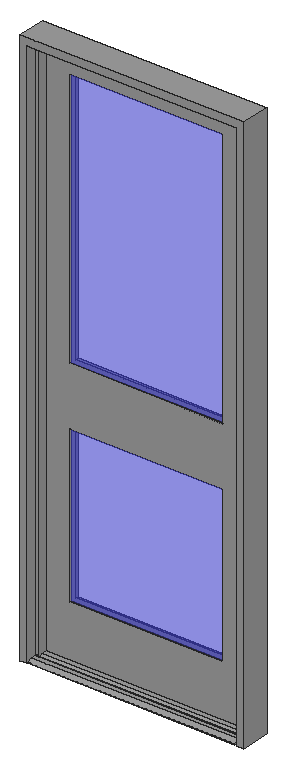
Revit family "MSD-375-StormMax-1inGlz-Curtain-Wall-Gear-Hinge-Single_Arc_v02", category Curtain Panels, Revit 2017
Family settings
  OmniClass Number = 23.25.20.14.11.11.17
  OmniClass Title = Infill Panels
  Always vertical = Yes
  Cut with Voids When Loaded = No
  Shared = No
Parameters
  Width [instance] = 3' - 2"
  URL = "obe.com"
  Rough Width [instance] = 3' - 0"
  Panel Width [instance] = [Min-Max Panel Width]  # 3' - 0"
  Panel Offset [instance] = 0' - 0"
  Offset [instance] = 0' - 1"
  Model = "MSD-375 DOOR"
  Min-Max Rough Width [instance] = if(and((Rough Width > 3' 2 1/4"), (Rough Width < 3' 8 1/256")), Rough Width, 3' 2 1/4")  # 3' - 2 1/4"
  Min-Max Panel Width [instance] = if(and((Rough Width > 3' 2 1/4"), (Rough Width < 3' 8 1/256")), Rough Width - 0' 2 1/4", 3' 0")  # 3' - 0"
  Manufacturer = "Oldcastle BuildingEnvelope®"
  Keynote = "08 11 00"
  Hinge [instance] = yes
  Height [instance] = 8' - 0"
  Pushbar Height [instance] = 3' - 5 1/4"  # constant formula
  Glass Material = Glass
  Frame Material = Aluminum
  Door Panel Height [instance] = Height - 0' 0 29/32"  # 7' - 11 3/32"
  Description = "MSD-375 - 1\" Door Infill"
  Assembly Code = "B2030"
  Analytic Construction = "<None>"
  8 Muntin [instance] = not([6.5 Muntin])  # yes
  6.5 Muntin [instance] = no
Reference planes (in)
  plane 1 "Front": y = 0
  plane 2: z = 0
  plane 3 "Center (Left/Right)": x = 0
  plane 4 "Left": x = -19
  plane 5 "Right": x = 19
  plane 6 "Top": z = 96
  plane 7 "Offset": y = -1
  plane 8: y = -1.86965
  plane 9: y = -1.86965
  plane 10: x = 19.125
  plane 11: x = -19.125
Forms (in)
  Sweep 1, solid, material "Aluminum" <- "Frame Material"
    path origin (0, -1, 0) x (-1, 0, 0) y (0, 0, 1)
      loop
        line (19.125, 0) -> (19.125, 96)
    profile origin (-19.125, -1, 48) x (1, 0, 0) y (0, 1, 0)
      loop
        line (1.125, -1.8814) -> (1.125, 0) -> (0, 0) -> (0, -5) -> (1.125, -5) -> (1.125, -3.2564) -> (1.875, -3.2564) -> (1.875, -1.8814) -> (1.125, -1.8814)
  Sweep 2, solid, material "Aluminum" <- "Frame Material"
    path origin (0, -1, 0) x (-1, 0, 0) y (0, 0, 1)
      loop
        line (-19.125, 0) -> (-19.125, 96)
    profile origin (19.125, -1, 48) x (1, 0, 0) y (0, 1, 0)
      loop
        line (-1.125, -1.8814) -> (-1.875, -1.8814) -> (-1.875, -3.2564) -> (-1.125, -3.2564) -> (-1.125, -5) -> (0, -5) -> (0, 0) -> (-1.125, 0) -> (-1.125, -1.8814)
  Sweep 3, solid, material "Aluminum" <- "Frame Material"
    path origin (0, -1, 0) x (-1, 0, 0) y (0, 0, 1)
      loop
        line (-19.125, 96) -> (19.125, 96)
    profile origin (0, -1, 96) x (0, 0, 1) y (0, 1, 0)
      loop
        line (-1.25, 0) -> (-1.25, -1.875) -> (-1.75, -1.875) -> (-1.75, -3.24) -> (-1.25, -3.24) -> (-1.25, -5) -> (0, -5) -> (0, 0) -> (-1.25, 0)
Cuts and joins
  joined: Sweep 1, Sweep 2, Sweep 3
Text (in)
  text "Exterior" at (-54.29358, 31.38743, 0), in view "Ref. Level"
  text "Exterior" at (480, 41.53993, 89.60405), in view "Right"
  text "Exterior" at (-240, 57.82419, 105.78864), in view "Left"
Dimensions and locks (in)
  equal spacing: plane 4 "Left", plane 3 "Center (Left/Right)", plane 5 "Right"
  "Width": plane 4 "Left" to plane 5 "Right"
  "Height": plane 6 "Top" to plane 2
  "Offset": plane 1 "Front" to plane 7 "Offset"
  locked: plane 7 "Offset" to plane 8 at 0.86965
  locked: plane 7 "Offset" to plane 9 at 0.86965
  equal spacing: plane 11, plane 3 "Center (Left/Right)", plane 10
  "Min-Max Rough Width": plane 11 to plane 10
  aligned and locked: level to plane 2
  aligned and locked: plane 6 "Top" to Sweep 1 sketch curve
  aligned and locked: level to Sweep 1 sketch curve
  aligned and locked: plane 6 "Top" to Sweep 2 sketch curve
  aligned and locked: level to Sweep 2 sketch curve
  aligned and locked: plane 3 "Center (Left/Right)" to nested 1
  aligned and locked: plane 6 "Top" to Sweep 3 sketch curve
  aligned and locked: nested 1 to plane 7 "Offset"
  aligned and locked: plane 11 to Sweep 1 sketch curve
  aligned and locked: plane 10 to Sweep 2 sketch curve
  aligned and locked: plane 11 to Sweep 3 sketch curve
  aligned and locked: plane 10 to Sweep 3 sketch curve
Automatic sketch dimensions
  Sweep 1 sketch curve to profile plane = 0' - 0"
  Sweep 1 sketch curve to plane 7 "Offset" = 0' - 0"
  Sweep 1 sketch curve to profile plane = 0' - 1 1/8"  (x2)
  Sweep 1 sketch curve to Sweep 1 sketch curve = 0' - 0 3/4"
  Sweep 1 sketch curve to plane 7 "Offset" = 0' - 1.8814"
  Sweep 1 sketch curve to Sweep 1 sketch curve = 0' - 1 3/8"
  Sweep 1 sketch curve to Sweep 1 sketch curve = 0' - 1.7436"
  Sweep 2 sketch curve to plane 7 "Offset" = 0' - 0"
  Sweep 2 sketch curve to profile plane = 0' - 0"
  profile plane to Sweep 2 sketch curve = 0' - 1 1/8"
  Sweep 2 sketch curve to Sweep 2 sketch curve = 0' - 1 1/8"
  Sweep 2 sketch curve to Sweep 2 sketch curve = 0' - 0 3/4"
  Sweep 2 sketch curve to plane 7 "Offset" = 0' - 1.8814"
  Sweep 2 sketch curve to Sweep 2 sketch curve = 0' - 1 3/8"
  Sweep 2 sketch curve to Sweep 2 sketch curve = 0' - 1.7436"
  Sweep 3 sketch curve to plane 7 "Offset" = 0' - 0"
  profile plane to Sweep 3 sketch curve = 0' - 0"
  profile plane to Sweep 3 sketch curve = 0' - 1 1/4"
  Sweep 3 sketch curve to plane 7 "Offset" = 0' - 1 7/8"
  Sweep 3 sketch curve to Sweep 3 sketch curve = 0' - 0 1/2"  (x2)
  Sweep 3 sketch curve to Sweep 3 sketch curve = 0' - 1.365"
  Sweep 3 sketch curve to Sweep 3 sketch curve = 0' - 1.76"
Nested families (in)
  nested 1: "MSD-375 DOOR-1-Panel_v03" at (0, -32, 0), Frame Material <- "Frame Material", Glass Material <- "Glass Material", 6.5 Muntin <- "6.5 Muntin", 8 Muntin <- "8 Muntin", Hinge <- "Hinge", Height <- "Door Panel Height", Width <- "Panel Width", Offset <- "Panel Offset", type "MSD-375 DOOR-1-Panel_v03"
    with built-in parameter 1001301 3' - 0", Pushbar Height 3' - 5 1/4", Offset 0' - 0", Hinge yes, built-in parameter 1001300 7' - 11 3/32", Glass at Muntin 0' - 8 7/16", Glass Material Glass, Frame Material Aluminum, 8 Muntin yes, 6.5 Muntin no
Definition of nested family "MSD-375 DOOR-1-Panel_v03"
  Parameters (values of type "MSD-375 DOOR-1-Panel_v03")
    Width [instance] = 3' - 0"
    Pushbar Height [instance] = 3' - 5 1/4"  # constant formula
    Offset [instance] = 0' - 2"
    Hinge [instance] = yes
    Height [instance] = 7' - 0"
    Glass at Muntin [instance] = if([6.5 Muntin], 0' 6 15/16", 0' 8 7/16")  # 0' - 6 15/16"
    Glass Material [instance] = none
    Frame Material [instance] = none
    Analytic Construction = "<None>"
    8 Muntin [instance] = not([6.5 Muntin])  # no
    6.5 Muntin [instance] = yes
  Reference planes (in)
    plane 1 "00": y = 28.04297
    plane 2: z = 0
    plane 3 "Center (Left/Right)": x = 0
    plane 4: z = 84
    plane 5: x = -18
    plane 6: x = 18
    plane 7 "Center (Front/Back)": y = 31
    plane 8 "Exterior": y = 28.32422
    plane 9: z = 42
    plane 10: z = 80.96875
    plane 11: z = 80.3125
    plane 12: z = 8.90625
    plane 13: z = 37.78125
    plane 14: z = 44.71875
    plane 15: x = -14.031
    plane 16: x = 13.77845
    plane 17 "Offset": y = 29
    plane 18: z = 41.25
  Forms (in)
    Sweep 1, solid, material <- "Frame Material"
      path origin (0, 28.04297, 0) x (1, 0, 0) y (0, 0, 1)
        loop
          line (-17.891, 84) -> (17.63845, 84)
      profile origin (-0.12627, 28.04297, 84) x (0, 0, 1) y (0, -1, 0)
        loop
          line (-4.46875, -0.957) -> (-0.46875, -0.957) -> (-0.46875, 0.793) -> (-4.46875, 0.793) -> (-4.46875, 0.5) -> (-3.68775, 0.5) -> (-3.68775, -0.5) -> (-4.46875, -0.5) -> (-4.46875, -0.957)
    Sweep 2, solid, material <- "Frame Material"
      path origin (0, 28.04297, 0) x (1, 0, 0) y (0, 0, 1)
        loop
          line (17.63845, 0) -> (-17.891, 0)
      profile origin (-0.12627, 28.04297, 0) x (0, 0, -1) y (0, -1, 0)
        loop
          line (-9.6875, -0.957) -> (-0.6875, -0.957) -> (-0.6875, 0.793) -> (-9.6875, 0.793) -> (-9.6875, 0.5) -> (-8.9065, 0.5) -> (-8.9065, -0.5) -> (-9.6875, -0.5) -> (-9.6875, -0.957)
        loop
          line (-0.125, -1.707) -> (0, -1.707) -> (0, 3.918) -> (-0.125, 3.918) -> (-0.5, 3.168) -> (-0.5, 2.3005) -> (-0.562, 2.3005) -> (-0.844, 1.8115) -> (-0.844, 0.8165) -> (-0.5, 0.8165) -> (-0.5, -0.957) -> (-0.125, -1.707)
    Sweep 3, solid, material <- "Frame Material"
      path origin (0, 28.04297, 0) x (1, 0, 0) y (0, 0, 1)
        loop
          line (18, 83.53125) -> (18, 0.6875)
      profile origin (18, 28.04297, 42.10937) x (0, -1, 0) y (1, 0, 0)
        loop
          line (-0.957, -5.00255) -> (-0.5, -5.00255) -> (-0.5, -4.22155) -> (0.5, -4.22155) -> (0.5, -5.00255) -> (0.793, -5.00255) -> (0.793, -0.36155) -> (-0.957, -0.25255) -> (-0.957, -5.00255)
    Sweep 4, solid, material <- "Frame Material"
      path origin (0, 28.04297, 0) x (1, 0, 0) y (0, 0, 1)
        loop
          line (-18, 83.53125) -> (-18, 0.6875)
      profile origin (-18, 28.04297, 42.10937) x (0, -1, 0) y (1, 0, 0)
        loop
          line (-0.957, 0) -> (0.793, 0.109) -> (0.793, 4.75) -> (0.5, 4.75) -> (0.5, 3.969) -> (-0.5, 3.969) -> (-0.5, 4.75) -> (-0.957, 4.75) -> (-0.957, 0)
    Sweep 5, solid, material <- "Frame Material"
      path origin (0, 28.04297, 0) x (1, 0, 0) y (0, 0, 1)
        loop
          line (17.63845, 42) -> (-17.891, 42)
      profile origin (-0.12627, 28.04297, 42) x (0, 0, -1) y (0, -1, 0)
        loop
          line (5.00025, -0.957) -> (5.00025, -0.5) -> (4.21875, -0.5) -> (4.21875, 0.5) -> (5.00025, 0.5) -> (5.00025, 0.793) -> (-3.49975, 0.793) -> (-3.49975, 0.5) -> (-2.71875, 0.5) -> (-2.71875, -0.50555) -> (-3.49975, -0.50555) -> (-3.49975, -0.957) -> (5.00025, -0.957)
    Extrusion 6, solid, material <- "Glass Material", detail levels coarse
      sketch origin (0, 0, 0) x (1, 0, 0) y (0, 1, 0)
        loop
          line (-14.031, 28.54297) -> (-14.031, 27.54297) -> (13.77845, 27.54297) -> (13.77845, 28.54297) -> (-14.031, 28.54297)
      from 44.71875 to 80.3125
    Extrusion 7, solid, material <- "Glass Material", detail levels medium+fine
      sketch origin (0, 0, 0) x (1, 0, 0) y (0, 1, 0)
        loop
          line (13.77845, 28.54297) -> (-14.031, 28.54297) -> (-14.031, 28.34297) -> (13.77845, 28.34297) -> (13.77845, 28.54297)
        loop
          line (-14.031, 27.97297) -> (-14.031, 27.77297) -> (13.77845, 27.77297) -> (13.77845, 27.97297) -> (-14.031, 27.97297)
        loop
          line (13.77845, 27.74297) -> (-14.031, 27.74297) -> (-14.031, 27.54297) -> (13.77845, 27.54297) -> (13.77845, 27.74297)
      from 44.71875 to 80.3125
    Extrusion 8, solid, material <- "Glass Material", detail levels coarse
      sketch origin (0, 0, 0) x (1, 0, 0) y (0, 1, 0)
        loop
          line (-14.031, 28.54297) -> (-14.031, 27.54297) -> (13.77845, 27.54297) -> (13.77845, 28.54297) -> (-14.031, 28.54297)
      from 8.90625 to 37.78125
    Extrusion 9, solid, material <- "Glass Material", detail levels medium+fine
      sketch origin (0, 0, 0) x (1, 0, 0) y (0, 1, 0)
        loop
          line (13.77845, 28.54297) -> (-14.031, 28.54297) -> (-14.031, 28.34297) -> (13.77845, 28.34297) -> (13.77845, 28.54297)
        loop
          line (-14.031, 27.97297) -> (-14.031, 27.77297) -> (13.77845, 27.77297) -> (13.77845, 27.97297) -> (-14.031, 27.97297)
        loop
          line (13.77845, 27.74297) -> (-14.031, 27.74297) -> (-14.031, 27.54297) -> (13.77845, 27.54297) -> (13.77845, 27.74297)
      from 8.90625 to 37.78125
  Cuts and joins
    joined: Sweep 1, Sweep 2, Sweep 3, Sweep 4, Sweep 5
  Lines and regions (in)
    model lines
      curve 1: line (13.36845, 28.32422, 79.9025) -> (-13.621, 28.32422, 42)
      curve 2: line (-13.621, 28.32422, 42) -> (13.36845, 28.32422, 9.4375)
  Dimensions and locks (in)
    equal spacing: level, plane 9, plane 4
    locked: Sweep 3 sketch curve to plane 4 at 0.46875
    locked: Sweep 4 sketch curve to plane 4 at 0.46875
    locked: plane 4 to plane 10 at 3.03125
    Extrusion 6 sketch curve to plane 1 "00" to Extrusion 6 sketch curve = 0' - 0 1/2" locked, 0' - 0 1/2" locked
    "Glass at Muntin": plane 13 to plane 14
    locked: plane 11 to plane 4 at 3.6875
    plane 12 to plane 2 = 0' - 8 29/32"
    "Height": plane 4 to plane 2
    locked: plane 5 to plane 15 at 3.969
    locked: plane 16 to plane 6 at 4.22155
    locked: plane 6 to Sweep 2 sketch curve at 0.36155
    equal spacing: plane 5, plane 3 "Center (Left/Right)", plane 6
    "Width": plane 5 to plane 6
    locked: plane 6 to Sweep 5 sketch curve at 0.36155
    locked: plane 6 to Sweep 1 sketch curve at 0.36155
    locked: plane 14 to Sweep 5 sketch curve at 0.781  (x2)
    locked: Sweep 5 sketch curve to plane 13 at 0.7815
    locked: plane 13 to Sweep 5 sketch curve at 0.7815
    plane 1 "00" to plane 8 "Exterior" to plane 17 "Offset" = 0' - 0 9/32" locked, 0' - 0 173/256" locked
    "Offset": plane 17 "Offset" to plane 7 "Center (Front/Back)"
    locked: Sweep 2 sketch curve to plane 5 at 0.109
    locked: Sweep 5 sketch curve to plane 5 at 0.109
    locked: Sweep 1 sketch curve to plane 5 at 0.109
    equal spacing: plane 13, plane 18, plane 14
    "Pushbar Height": plane 2 to plane 18
    Extrusion 8 sketch curve to Extrusion 8 sketch curve to plane 17 "Offset" = 0' - 1" locked, 0' - 0 117/256" locked
    Extrusion 7 sketch curve to Extrusion 7 sketch curve to Extrusion 7 sketch curve to Extrusion 7 sketch curve to Extrusion 7 sketch curve to Extrusion 7 sketch curve to plane 17 "Offset" = 0' - 0.2" locked, 0' - 0.03" locked, 0' - 0.2" locked, 0' - 0.37" locked, 0' - 0.2" locked, 0' - 0 117/256" locked
    Extrusion 9 sketch curve to Extrusion 9 sketch curve to Extrusion 9 sketch curve to Extrusion 9 sketch curve to Extrusion 9 sketch curve to Extrusion 9 sketch curve to plane 17 "Offset" = 0' - 0.2" locked, 0' - 0.03" locked, 0' - 0.2" locked, 0' - 0.37" locked, 0' - 0.2" locked, 0' - 0 117/256" locked
    locked: plane 2 to Sweep 3 sketch curve at 0.6875
    locked: plane 2 to Sweep 4 sketch curve at 0.6875
    aligned and locked: plane 2 to level
    aligned and locked: Sweep 1 sketch curve to plane 4
    aligned and locked: Sweep 2 sketch curve to level
    aligned and locked: Sweep 5 sketch curve to plane 9
    aligned and locked: plane 11 to Extrusion 7
    aligned and locked: plane 11 to Extrusion 6
    aligned and locked: plane 14 to Extrusion 7
    aligned and locked: plane 14 to Extrusion 6
    aligned and locked: Extrusion 8 to plane 13
    aligned and locked: Extrusion 9 to plane 13
    aligned and locked: plane 12 to Extrusion 9
    aligned and locked: plane 12 to Extrusion 8
    aligned and locked: Sweep 3 sketch curve to plane 6
    aligned and locked: Sweep 4 sketch curve to plane 5
    aligned and locked: plane 16 to Extrusion 6 sketch curve
    aligned and locked: Extrusion 6 sketch curve to plane 15
    aligned and locked: Extrusion 8 sketch curve to plane 15
    aligned and locked: plane 16 to Extrusion 8 sketch curve
    aligned and locked: plane 16 to Extrusion 9  (x3)
    aligned and locked: Extrusion 9 to plane 15  (x2)
  Automatic sketch dimensions
    curve 2 to plane 9 = 0' - 0"
    curve 2 to plane 16 = 0' - 0.41"
    curve 1 to plane 16 = 0' - 0.41"
    curve 2 to plane 12 = 0' - 0 17/32"
    plane 11 to curve 1 = 0' - 0.41"
    plane 15 to curve 2 = 0' - 0.41"
    profile plane to Sweep 3 sketch curve = 0' - 0.25255"
    Sweep 3 sketch curve to plane 1 "00" = 0' - 0.957"
    Sweep 3 sketch curve to Sweep 3 sketch curve = 0' - 0.457"
    plane 1 "00" to Sweep 3 sketch curve = 0' - 0 1/2"
    Sweep 3 sketch curve to Sweep 3 sketch curve = 0' - 0.293"
    profile plane to Sweep 3 sketch curve = 0' - 0.36155"
    Sweep 3 sketch curve to Sweep 3 sketch curve = 0' - 3.86"
    Sweep 3 sketch curve to Sweep 3 sketch curve = 0' - 0.781"  (x2)
    Sweep 4 sketch curve to profile plane = 0' - 0"
    Sweep 4 sketch curve to plane 1 "00" = 0' - 0.957"
    Sweep 4 sketch curve to Sweep 4 sketch curve = 0' - 0.457"
    plane 1 "00" to Sweep 4 sketch curve = 0' - 0 1/2"
    Sweep 4 sketch curve to Sweep 4 sketch curve = 0' - 0.293"
    Sweep 4 sketch curve to profile plane = 0' - 0.109"
    Sweep 4 sketch curve to Sweep 4 sketch curve = 0' - 3.86"
    Sweep 4 sketch curve to Sweep 4 sketch curve = 0' - 0.781"  (x2)
    Sweep 5 sketch curve to Sweep 5 sketch curve = 0' - 0.781"
    Sweep 5 sketch curve to Sweep 5 sketch curve = 0' - 0.7815"
    Sweep 5 sketch curve to plane 1 "00" = 0' - 0.957"
    Sweep 5 sketch curve to plane 1 "00" = 0' - 0.50555"
    Sweep 5 sketch curve to plane 1 "00" = 0' - 0 1/2"
    plane 1 "00" to Sweep 5 sketch curve = 0' - 0 1/2"  (x2)
    Sweep 5 sketch curve to Sweep 5 sketch curve = 0' - 0.293"
    Sweep 2 sketch curve to profile plane = 0' - 0"
    Sweep 2 sketch curve to Sweep 2 sketch curve = 0' - 0.282"
    plane 1 "00" to Sweep 2 sketch curve = 0' - 0 1/2"
    Sweep 2 sketch curve to Sweep 2 sketch curve = 0' - 8.8435"
    Sweep 2 sketch curve to Sweep 2 sketch curve = 0' - 0"  (x2)
    Sweep 2 sketch curve to Sweep 2 sketch curve = 0' - 1.0185"
    Sweep 2 sketch curve to Sweep 2 sketch curve = 0' - 0.489"
    profile plane to Sweep 2 sketch curve = 0' - 0 1/8"  (x2)
    profile plane to Sweep 2 sketch curve = 0' - 0 1/2"
    Sweep 2 sketch curve to Sweep 2 sketch curve = 0' - 0.062"
    Sweep 2 sketch curve to Sweep 2 sketch curve = 0' - 0.781"
    Sweep 2 sketch curve to plane 1 "00" = 0' - 0 1/2"
    Sweep 2 sketch curve to Sweep 2 sketch curve = 0' - 0 3/4"  (x2)
    Sweep 2 sketch curve to Sweep 2 sketch curve = 0' - 0.457"
    Sweep 2 sketch curve to Sweep 2 sketch curve = 0' - 0.8675"
    Sweep 2 sketch curve to Sweep 2 sketch curve = 0' - 0.293"
    plane 15 to Extrusion 7 sketch curve = 0' - 0"  (x2)
    Extrusion 7 sketch curve to Extrusion 7 sketch curve = 0' - 0"
    Extrusion 7 sketch curve to plane 16 = 0' - 0"  (x3)
    Extrusion 9 sketch curve to plane 15 = 0' - 0"  (x3)
    Extrusion 9 sketch curve to plane 16 = 0' - 0"  (x3)
    Sweep 2 sketch curve to Sweep 2 sketch curve = 0' - 0.1565"
    Sweep 2 sketch curve to Sweep 2 sketch curve = 0' - 0 3/16"
    Sweep 2 sketch curve to Sweep 2 sketch curve = 0' - 0.0235"
    Sweep 1 sketch curve to plane 1 "00" = 0' - 0.957"
    profile plane to Sweep 1 sketch curve = 0' - 4 15/32"
    Sweep 1 sketch curve to Sweep 1 sketch curve = 0' - 0"
    Sweep 1 sketch curve to Sweep 1 sketch curve = 0' - 0.781"
    profile plane to Sweep 1 sketch curve = 0' - 0 15/32"
    Sweep 1 sketch curve to Sweep 1 sketch curve = 0' - 0.457"
    plane 1 "00" to Sweep 1 sketch curve = 0' - 0 1/2"
    Sweep 1 sketch curve to Sweep 1 sketch curve = 0' - 0.293"
